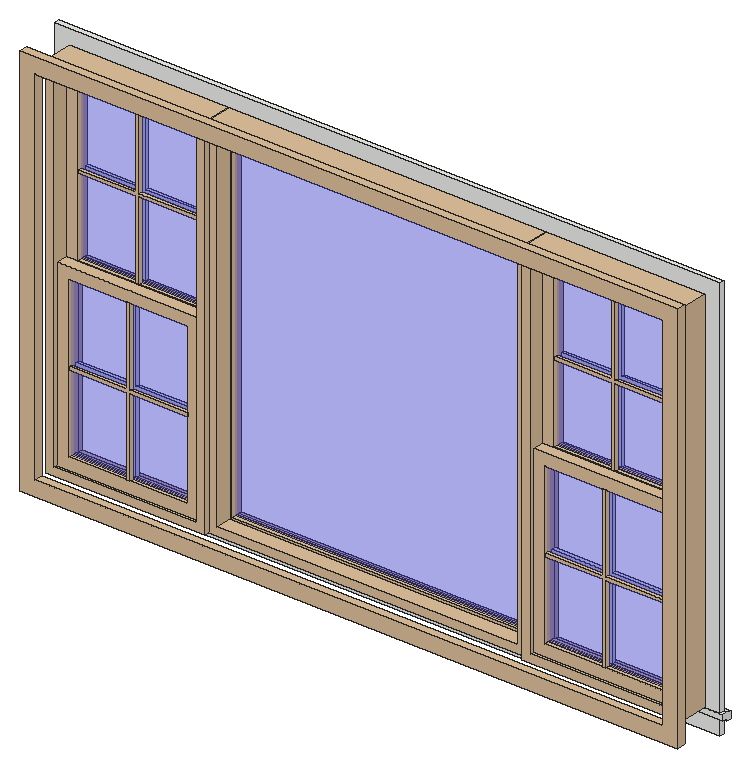
Revit family "Existing Living Room Front Window", category Windows, host Wall, Revit 2021
Family settings
  Host = Wall
  Always vertical = Yes
  Cut with Voids When Loaded = No
  Shared = No
  Room Calculation Point = No
Parameters (values of type "(2) 2'-0" x 4'-8" DH + 4'-0" x 4'-8" FX")
  Window Inset = 0' - 0 3/4"
  Top Muntin Visibility = yes
  Side Window Width = 2' - 0"
  Side Window Location = Middle Window Width / 2  # 2' - 0"
  Sash Material = Sash
  Rough Width = 0' - 0"
  Rough Height = 0' - 0"
  Interior Trim Visibility [instance] = yes
  Interior Trim = Trim-Window-Interior-Flat : Picture Frame
  Fixed Muntin Visibility = no
  Middle Window Width = 4' - 0"
  Interior Trim Material = Wood - Stained
  Interior Frame Material = Wood - Stained
  Height = 4' - 8"
  Glass Pane Material = Glass
  Exterior Trim Visibility [instance] = yes
  Exterior Trim Material = Clad - White
  Exterior Trim = Trim-Window-Exterior-Flat : with Sill
  Exterior Frame Material = Clad - White
  Default Sill Height = 3' - 0"
  Wall Closure = By host
  Width = (Side Window Width * 2) + Middle Window Width  # 8' - 0"
  Bottom Muntin Visibility = yes
Reference planes (in)
  plane 1 "Center (Front/Back)": y = 0
  plane 2: z = 0
  plane 3 "Center (Left/Right)": x = 0
  plane 4 "Left": x = -48
  plane 5 "Right": x = 48
  plane 6 "Sill": z = 36
  plane 7 "Top": z = 92
Text (in)
  text "EXTERIOR" at (-58.6888, 50.90694, 0), in view "Ref. Level"
  text "INTERIOR" at (-58.6888, -37.76638, 0), in view "Ref. Level"
  text "Exterior" at (0, 43.65631, 123.19604), in view "Left"
  text "Exterior" at (0, 18.29385, 125.04747), in view "Right"
Dimensions and locks (in)
  "Height": plane 6 "Sill" to plane 7 "Top"
  "Default Sill Height": plane 2 to plane 6 "Sill"
  equal spacing: plane 4 "Left", plane 3 "Center (Left/Right)", plane 5 "Right"
  "Width": plane 4 "Left" to plane 5 "Right"
  plane 4 "Left" to plane 5 "Right" = 8' - 0"
  "Side Window Location": nested 5 to plane 3 "Center (Left/Right)"
  "Side Window Location": plane 3 "Center (Left/Right)" to nested 2
  aligned and locked: plane 7 "Top" to nested 8
  aligned and locked: plane 7 "Top" to nested 9
  aligned and locked: plane 3 "Center (Left/Right)" to nested 9
  aligned and locked: nested 8 to plane 3 "Center (Left/Right)"
Nested families (in)
  nested 1: "Window-Fixed" at (0, 0, 0) x (-1, 0, 0) z (0, 0, 1), type "Standard"
    with Window Inset 0' - 0", Interior Wall Closure 0' - 2 1/4", Interior Trim Visibility no, Frame Extension 0' - 0 1/4", Exterior Wall Closure 0' - 1 1/4", Exterior Trim Visibility no, Rough Width 4' - 0 1/2", Rough Height 4' - 8 1/2", Muntin Visibility no, Height 4' - 8", Extension Jamb Visibility no, Width 4' - 0"
  nested 2: "Window-Double-Hung" at (36, 0, 0) x (-1, 0, 0) z (0, 0, 1), type "Standard"
    with Window Inset 0' - 0", Interior Wall Closure 0' - 1 1/2", Interior Trim Visibility no, Indicator Visibility yes, Frame Extension 0' - 1 1/4", Exterior Wall Closure 0' - 0 1/2", Exterior Trim Visibility no, Muntin Width 1' - 6", Muntin Height 2' - 0 1/8", Rough Width 2' - 0 1/2", Rough Height 4' - 8 1/2", Extension Jamb Visibility no, Height 4' - 8", Width 2' - 0"
  nested 3: "Muntin Pattern_2x2" at (36, 1.625, 64.875) x (-1, 0, 0) z (0, 0, 1), type "Muntin Pattern_2x2"
    with Width 1' - 6", Interior Material Wood - Stained, Height 2' - 0 1/8", Exterior Material Clad - White
  nested 4: "Muntin Pattern_2x2" at (36, -0.125, 39) x (-1, 0, 0) z (0, 0, 1), type "Muntin Pattern_2x2"
    with Width 1' - 6", Interior Material Wood - Stained, Height 2' - 0 1/8", Exterior Material Clad - White
  nested 5: "Window-Double-Hung" at (-36, 0, 0) x (-1, 0, 0) z (0, 0, 1), type "Standard"
    with Window Inset 0' - 0", Interior Wall Closure 0' - 1 1/2", Interior Trim Visibility no, Indicator Visibility yes, Frame Extension 0' - 1 1/4", Exterior Wall Closure 0' - 0 1/2", Exterior Trim Visibility no, Muntin Width 1' - 6", Muntin Height 2' - 0 1/8", Rough Width 2' - 0 1/2", Rough Height 4' - 8 1/2", Extension Jamb Visibility no, Height 4' - 8", Width 2' - 0"
  nested 6: "Muntin Pattern_2x2" at (-36, 1.625, 64.875) x (-1, 0, 0) z (0, 0, 1), type "Muntin Pattern_2x2"
    with Width 1' - 6", Interior Material Wood - Stained, Height 2' - 0 1/8", Exterior Material Clad - White
  nested 7: "Muntin Pattern_2x2" at (-36, -0.125, 39) x (-1, 0, 0) z (0, 0, 1), type "Muntin Pattern_2x2"
    with Width 1' - 6", Interior Material Wood - Stained, Height 2' - 0 1/8", Exterior Material Clad - White
  nested 8: "Trim-Window-Exterior-Flat" at (0, 3, 92) x (-1, 0, 0) z (0, 1, 0), visible <- "Exterior Trim Visibility", Trim Material <- "Exterior Trim Material", Opening Width <- "Width", Opening Height <- "Height", type <- "Exterior Trim", type "with Sill"
    with Trim Material Clad - White, Opening Width 8' - 0", Opening Height 4' - 8"
  nested 9: "Trim-Window-Interior-Flat" at (0, -3, 92) x (1, 0, 0) z (0, -1, 0), visible <- "Interior Trim Visibility", Trim Material <- "Interior Trim Material", Opening Width <- "Width", Opening Height <- "Height", type <- "Interior Trim", type "Picture Frame"
    with Trim Material Wood - Stained, Opening Width 8' - 0", Opening Height 4' - 8"
Definition of nested family "Window-Fixed"
  Parameters (values of type "24" x 36"")
    Window Inset [instance] = 0' - 0"
    Wall Thickness [instance] = 0' - 6"
    Visual Light Transmittance = 0.81
    Thermal Resistance (R) = 1.8146 (h·ft²·°F)/BTU
    Solar Heat Gain Coefficient = 0.76
    Rough Width = Width + 0' 0 1/2"  # 2' - 0 1/2"
    Rough Height = Height + 0' 0 1/2"  # 3' - 0 1/2"
    Muntin Visibility = yes
    Muntin Pattern = Muntin Pattern_2x2 : Muntin Pattern_2x2
    Interior Wall Closure [instance] = 0' - 2 1/4"
    Interior Trim Visibility [instance] = yes
    Interior Trim Material = none
    Interior Trim = Trim-Window-Interior-Flat : Picture Frame
    Height = 3' - 0"
    Interior Frame Material = none
    Heat Transfer Coefficient (U) = 0.5511 BTU/(h·ft²·°F)
    Glass Panel Material = none
    Frame Extension [instance] = if(Exterior Trim Visibility, Window Inset + 0' 0 1/4", 0' 0 1/4")  # 0' - 0 1/4"
    Fire Rating = "0.5h"
    Exterior Wall Closure [instance] = 0' - 1 1/4"
    Exterior Trim Visibility [instance] = yes
    Exterior Trim Material = none
    Exterior Trim = Trim-Window-Exterior-Flat : with Sill
    Exterior Frame Material = none
    Extension Jamb Visibility [instance] = and(Interior Trim Visibility, Wall Thickness - Window Inset > 0' 3 3/4")  # yes
    Extension Jamb [instance] = if(Wall Thickness - Window Inset > 0' 3 3/4", Wall Thickness - Window Inset - 0' 3 3/4", 0' 1")  # 0' - 2 1/4"
    Default Sill Height = 3' - 0"
    Wall Closure = (empty or 0)
    Width = 2' - 0"
    Assembly Code = "B2020100"
    Analytic Construction = "Double glazing - domestic"
  Reference planes (in)
    plane 1 "Center (Front/Back)": y = 0
    plane 2: z = 0
    plane 3 "Center (Left/Right)": x = 0
    plane 4 "Left": x = -12
    plane 5 "Right": x = 12
    plane 6 "Sill": z = 36
    plane 7 "Top": z = 72
    plane 8 "Inset Face": y = 3
    plane 9 "Wall Closure": y = -0.75
    plane 10 "Sash Face": y = 3.5
    plane 11 "Exterior": y = 3
    plane 12: x = 11.5
    plane 13: x = -11.5
    plane 14: z = 71.5
    plane 15: z = 36.5
    plane 16: y = 2.25
    plane 17 "Glass": y = 2.625
    plane 18: y = 3.75
    plane 19: y = 3.75
    plane 20 "Interior": y = -3
    plane 21 "Jamb": y = -0.75
    plane 22 "Middle": z = 54
    plane 23: z = 54
    plane 24: x = 10.75
    plane 25: x = 10.5
    plane 26: x = -10.5
    plane 27: x = 10.5
    plane 28: z = 70.5
    plane 29: z = 37.5
    plane 30: y = -0.75
    plane 31: y = 1.75
    plane 32: y = 3.75
  Forms (in)
    Sweep 1, solid, material <- "Interior Frame Material"
      path origin (0, 3.5, 0) x (-1, 0, 0) y (0, 0, 1)
        loop
          line (-12, 36) -> (12, 36) -> (12, 72) -> (-12, 72) -> (-12, 36)
      profile origin (12, 3.5, 54) x (1, 0, 0) y (0, 1, 0)
        loop
          line (0, 0.25) -> (-0.5, 0.25) -> (-0.5, -1.75) -> (-1.25, -1.75) -> (-1.25, -4.25) -> (0, -4.25) -> (0, 0.25)
    Extrusion 2, solid, material <- "Interior Frame Material", visible <- "Extension Jamb Visibility"
      sketch origin (0, 0, 0) x (1, 0, 0) y (0, 0, 1)
        loop
          line (12, 72) -> (-12, 72) -> (-12, 36) -> (12, 36) -> (12, 72)
        loop
          line (11.5, 36.5) -> (11.5, 71.5) -> (-11.5, 71.5) -> (-11.5, 36.5) -> (11.5, 36.5)
      from 0.75 to 3
    Sweep 3, solid, material <- "Interior Frame Material"
      path origin (0, 3.5, 0) x (-1, 0, 0) y (0, 0, 1)
        loop
          line (-11.5, 71.5) -> (-11.5, 36.5) -> (11.5, 36.5) -> (11.5, 71.5) -> (-11.5, 71.5)
      profile origin (11.5, 3.5, 54) x (0, 1, 0) y (-1, 0, 0)
        loop
          line (0, 0) -> (0, 1) -> (-1.75, 1) -> (-1.75, 0) -> (0, 0)
    Extrusion 4, solid, material <- "Glass Panel Material"
      sketch origin (0, 0, 36) x (0, -1, 0) y (1, 0, 0)
        loop
          line (-3, -10.5) -> (-2.75, -10.5) -> (-2.75, 10.5) -> (-3, 10.5) -> (-3, -10.5)
        loop
          line (-2.25, 10.5) -> (-2.5, 10.5) -> (-2.5, -10.5) -> (-2.25, -10.5) -> (-2.25, 10.5)
      from 1.5 to 34.5
  Lines and regions (in)
    Opening 1
      outline origin (-60, -3, 0) x (1, 0, 0) y (0, 0, 1)
        loop
          line (48, 72) -> (48, 36) -> (72, 36) -> (72, 72) -> (48, 72)
    Split face 1
      outline origin (10.5, 3.5, 37.5) x (-1, 0, 0) y (0, -1, 0)
        loop
          line (21, 0.5) -> (0, 0.5)
    Split face 2
      outline origin (10.5, 3.5, 70.5) x (0, 0, -1) y (0, -1, 0)
        loop
          line (0, 0.5) -> (33, 0.5)
    Split face 3
      outline origin (-10.5, 3.5, 37.5) x (0, 0, 1) y (0, -1, 0)
        loop
          line (33, 0.5) -> (0, 0.5)
    Split face 4
      outline origin (-10.5, 3.5, 70.5) x (0, -1, 0) y (1, 0, 0)
        loop
          line (0.5, 0) -> (0.5, 21)
    Split face 5
      outline origin (11.5, 1.75, 36.5) x (0, 0, 1) y (0, 1, 0)
        loop
          line (35, 1.25) -> (0, 1.25)
    Split face 6
      outline origin (-11.5, 1.75, 36.5) x (1, 0, 0) y (0, 1, 0)
        loop
          line (0, 1.25) -> (23, 1.25)
    Split face 7
      outline origin (-11.5, 1.75, 71.5) x (0, 0, -1) y (0, 1, 0)
        loop
          line (35, 1.75) -> (0, 1.75)
    Split face 8
      outline origin (11.5, 1.75, 71.5) x (0, 1, 0) y (-1, 0, 0)
        loop
          line (1.75, 0) -> (1.75, 23)
  Text (in)
    text "EXTERIOR" at (-58.6888, 50.90694, 0), in view "Ref. Level"
    text "INTERIOR" at (-58.6888, -37.76638, 0), in view "Ref. Level"
    text "Exterior" at (0, 43.65631, 123.19604), in view "Left"
    text "Exterior" at (0, 18.29385, 125.04747), in view "Right"
  Dimensions and locks (in)
    equal spacing: plane 4 "Left", plane 3 "Center (Left/Right)", plane 5 "Right"
    "Width": plane 4 "Left" to plane 5 "Right"
    "Height": plane 6 "Sill" to plane 7 "Top"
    "Default Sill Height": plane 2 to plane 6 "Sill"
    locked: plane 10 "Sash Face" to plane 8 "Inset Face" at 0.5
    "Wall Thickness": host wall to host wall
    "Window Inset": plane 11 "Exterior" to plane 8 "Inset Face"
    locked: Sweep 1 sketch curve to plane 5 "Right" at 0.5
    locked: plane 12 to plane 5 "Right" at 0.5
    locked: plane 4 "Left" to plane 13 at 0.5
    locked: plane 14 to plane 7 "Top" at 0.5
    locked: plane 6 "Sill" to plane 15 at 0.5
    plane 16 to Sweep 3 = 0' - 0 1/2"
    equal spacing: plane 8 "Inset Face", plane 17 "Glass", plane 16
    locked: plane 8 "Inset Face" to plane 16 at 0.75
    locked: plane 18 to plane 11 "Exterior" at 0.75
    locked: plane 19 to plane 10 "Sash Face" at 0.25
    "Extension Jamb": plane 21 "Jamb" to plane 20 "Interior"
    locked: plane 8 "Inset Face" to plane 9 "Wall Closure" at 3.75
    equal spacing: plane 6 "Sill", plane 23, plane 7 "Top"
    plane 24 to plane 5 "Right" = 0' - 1 1/4"
    plane 25 to plane 12 = 0' - 1"
    locked: plane 4 "Left" to plane 26 at 1.5
    locked: plane 7 "Top" to plane 28 at 1.5
    locked: plane 29 to plane 6 "Sill" at 1.5
    locked: plane 27 to plane 5 "Right" at 1.5
    level to host wall = 23' - 0"
    "Interior Wall Closure": plane 30 to plane 20 "Interior"
    "Exterior Wall Closure": plane 11 "Exterior" to plane 31
    "Frame Extension": plane 32 to plane 10 "Sash Face"
    aligned and locked: plane 7 "Top" to Opening 1 sketch curve
    aligned and locked: plane 6 "Sill" to Opening 1 sketch curve  (x2)
    aligned and locked: plane 5 "Right" to Opening 1 sketch curve
    aligned and locked: plane 4 "Left" to Opening 1 sketch curve
    aligned and locked: level to plane 2
    aligned and locked: host wall to plane 11 "Exterior"
    aligned and locked: plane 5 "Right" to Sweep 1 sketch curve
    aligned and locked: plane 7 "Top" to Sweep 1 sketch curve
    aligned and locked: Sweep 1 sketch curve to plane 4 "Left"
    aligned and locked: Sweep 1 sketch curve to plane 6 "Sill"
    aligned and locked: Extrusion 2 sketch curve to host wall  (x3)
    aligned and locked: plane 7 "Top" to Extrusion 2 sketch curve
    aligned and locked: host wall to Extrusion 2
    aligned and locked: Sweep 3 sketch curve to plane 12  (x2)
    aligned and locked: Sweep 3 sketch curve to plane 15
    aligned and locked: Split face 1 sketch curve to plane 8 "Inset Face"
    aligned and locked: plane 8 "Inset Face" to Split face 2 sketch curve
    aligned and locked: plane 8 "Inset Face" to Split face 3 sketch curve
    aligned and locked: Split face 4 sketch curve to plane 8 "Inset Face"
    aligned and locked: Extrusion 4 sketch curve to plane 8 "Inset Face"
    aligned and locked: Sweep 3 to Extrusion 4 sketch curve
    aligned and locked: Extrusion 4 sketch curve to plane 16
    aligned and locked: Extrusion 4 sketch curve to Sweep 3
    aligned and locked: plane 20 "Interior" to host wall
    aligned and locked: plane 21 "Jamb" to Extrusion 2
    aligned and locked: plane 9 "Wall Closure" to Sweep 1
    aligned and locked: nested 2 to plane 4 "Left"
    aligned and locked: plane 11 "Exterior" to nested 2
    aligned and locked: profile plane to Sweep 3 sketch curve
    aligned and locked: plane 13 to Sweep 3 sketch curve
    aligned and locked: plane 12 to Extrusion 2 sketch curve
    aligned and locked: Extrusion 2 sketch curve to plane 14
    aligned and locked: Extrusion 2 sketch curve to plane 13
    aligned and locked: plane 15 to Extrusion 2 sketch curve
    aligned and locked: plane 23 to plane 22 "Middle"
    aligned and locked: plane 14 to Sweep 3 sketch curve
    aligned and locked: Sweep 1 sketch curve to Sweep 3
    aligned and locked: Sweep 3 sketch curve to plane 25
    aligned and locked: Extrusion 4 sketch curve to plane 25  (x2)
    aligned and locked: Extrusion 4 to Sweep 3  (x2)
    aligned and locked: plane 8 "Inset Face" to Split face 5 sketch curve
    aligned and locked: Split face 6 sketch curve to plane 8 "Inset Face"
    aligned and locked: Split face 7 sketch curve to plane 10 "Sash Face"
    aligned and locked: plane 10 "Sash Face" to Split face 8 sketch curve
    aligned and locked: plane 7 "Top" to nested 2
    aligned and locked: nested 1 to plane 29
    aligned and locked: plane 15 to Extrusion 2
    aligned and locked: Extrusion 2 to plane 14
    aligned and locked: plane 17 "Glass" to nested 1
    aligned and locked: nested 1 to plane 28
    aligned and locked: plane 25 to nested 1
    aligned and locked: plane 26 to nested 1
    aligned and locked: plane 7 "Top" to nested 3
    aligned and locked: nested 3 to plane 3 "Center (Left/Right)"
    aligned and locked: plane 7 "Top" to nested 4
    aligned and locked: plane 3 "Center (Left/Right)" to nested 4
    aligned and locked: plane 32 to Sweep 1 sketch curve
  Automatic sketch dimensions
    Sweep 3 sketch curve to plane 10 "Sash Face" = 0' - 1 3/4"
    Split face 1 sketch curve to Sweep 3 = 0' - 0"  (x2)
    Sweep 3 to Split face 2 sketch curve = 0' - 0"
    Split face 2 sketch curve to Sweep 3 = 0' - 0"
    Split face 3 sketch curve to Sweep 3 = 0' - 0"
    Sweep 3 to Split face 3 sketch curve = 0' - 0"
    Split face 4 sketch curve to Sweep 3 = 0' - 0"  (x2)
    plane 17 "Glass" to Extrusion 4 sketch curve = 0' - 0 1/8"
    Extrusion 4 sketch curve to plane 17 "Glass" = 0' - 0 1/8"
    Sweep 1 sketch curve to profile plane = 0' - 0"
    profile plane to Sweep 1 sketch curve = 0' - 1 1/4"
    Sweep 1 sketch curve to plane 10 "Sash Face" = 0' - 4 1/4"
    Split face 5 sketch curve to Sweep 1 = 0' - 0"
    Sweep 1 to Split face 5 sketch curve = 0' - 0"
    Split face 6 sketch curve to Sweep 1 = 0' - 0"  (x2)
    Sweep 1 to Split face 7 sketch curve = 0' - 0"
    Split face 7 sketch curve to Sweep 1 = 0' - 0"
    Split face 8 sketch curve to Sweep 1 = 0' - 0"  (x2)
  Nested families (in)
    nested 1: "Muntin Pattern_2x2" at (0, 2.625, 37.5) x (-1, 0, 0) z (0, 0, 1), type <- "Muntin Pattern", Exterior Material <- "Exterior Frame Material", Interior Material <- "Interior Frame Material", visible <- "Muntin Visibility", type "Muntin Pattern_2x2"
      with Width 1' - 9", Interior Material none, Height 2' - 9", Exterior Material none
    nested 2: "Plan-Fixed" at (0, 3, 36) x (-1, 0, 0) z (0, 0, 1), Width <- "Width", Wall Thickness <- "Wall Thickness", Height <- "Height", Window Inset <- "Window Inset", type "Plan-Fixed"
      with Window Inset of 3D 0' - 0", Window Inset 0' - 0", Width 2' - 0", Wall Thickness 0' - 6", Height 3' - 0"
    nested 3: "Trim-Window-Exterior-Flat" at (0, 3, 72) x (-1, 0, 0) z (0, 1, 0), visible <- "Exterior Trim Visibility", Trim Material <- "Exterior Trim Material", Opening Width <- "Width", Opening Height <- "Height", type <- "Exterior Trim", type "with Sill"
      with Trim Material none, Opening Width 2' - 0", Opening Height 3' - 0"
    nested 4: "Trim-Window-Interior-Flat" at (0, -3, 72) x (1, 0, 0) z (0, -1, 0), visible <- "Interior Trim Visibility", Trim Material <- "Interior Trim Material", Opening Width <- "Width", Opening Height <- "Height", type <- "Interior Trim", type "Picture Frame"
      with Trim Material none, Opening Width 2' - 0", Opening Height 3' - 0"
  Definition of nested family "Muntin Pattern_2x2"
    Parameters (values of type "Muntin Pattern_2x2")
      Width [instance] = 4' - 0"
      Thickness = 0' - 0 1/2"
      Height [instance] = 4' - 0"
      Interior Material [instance] = none
      Exterior Material [instance] = none
      Distance = 0' - 0 3/4"
      Default Elevation = 0' - 0"
    Reference planes (in)
      plane 1 "Center (Front/Back)": y = 0
      plane 2: z = 0
      plane 3 "Center (Left/Right)": x = 0
      plane 4: z = 48
      plane 5: x = -24
      plane 6: x = 24
      plane 7: z = 24
      plane 8: y = 0.375
      plane 9: y = 0.875
      plane 10: y = -0.375
      plane 11: y = -0.875
    Forms (in)
      Extrusion 1, solid, material <- "Interior Material", detail levels fine
        sketch origin (0, 0, 0) x (1, 0, 0) y (0, 0, 1)
          loop
            line (-24, 24.25) -> (-24, 23.75) -> (-0.25, 23.75) -> (-0.25, 0) -> (0.25, 0) -> (0.25, 23.75) -> (24, 23.75) -> (24, 24.25) -> (0.25, 24.25) -> (0.25, 48) -> (-0.25, 48) -> (-0.25, 24.25) -> (-24, 24.25)
        from 0.375 to 0.875
      Extrusion 2, solid, material <- "Exterior Material", detail levels fine
        sketch origin (0, 0, 0) x (1, 0, 0) y (0, 0, -1)
          loop
            line (-24, -24.25) -> (-0.25, -24.25) -> (-0.25, -48) -> (0.25, -48) -> (0.25, -24.25) -> (24, -24.25) -> (24, -23.75) -> (0.25, -23.75) -> (0.25, 0) -> (-0.25, 0) -> (-0.25, -23.75) -> (-24, -23.75) -> (-24, -24.25)
        from 0.375 to 0.875
    Lines and regions (in)
      model lines, detail levels medium
        curve 1: line (0, 0.375, 48) -> (0, 0.375, 0)
        curve 2: line (-24, -0.375, 24) -> (24, -0.375, 24)
        curve 3: line (-24, 0.375, 24) -> (24, 0.375, 24)
        curve 4: line (0, -0.375, 48) -> (0, -0.375, 0)
    Dimensions and locks (in)
      equal spacing: plane 6, plane 3 "Center (Left/Right)", plane 5
      "Width": plane 6 to plane 5
      "Height": plane 4 to plane 2
      equal spacing: plane 4, plane 7, plane 2
      locked: plane 3 "Center (Left/Right)" to Extrusion 1 sketch curve at 0.25  (x4)
      locked: Extrusion 1 sketch curve to plane 7 at 0.25  (x2)
      locked: plane 7 to Extrusion 1 sketch curve at 0.25  (x2)
      "Thickness": plane 9 to plane 8
      "Thickness": plane 10 to plane 11
      "Distance": plane 8 to plane 10
      equal spacing: plane 8, plane 1 "Center (Front/Back)", plane 10
      aligned and locked: plane 2 to level
      aligned and locked: plane 4 to curve 1
      aligned and locked: plane 5 to curve 2
      aligned and locked: plane 2 to curve 1
      aligned and locked: plane 6 to curve 2
      aligned and locked: Extrusion 1 sketch curve to plane 4
      aligned and locked: Extrusion 1 sketch curve to plane 6
      aligned and locked: Extrusion 1 sketch curve to plane 5
      aligned and locked: Extrusion 1 sketch curve to level
      aligned and locked: Extrusion 1 to plane 11
      aligned and locked: plane 10 to Extrusion 1
      aligned and locked: Extrusion 2 to plane 5
      aligned and locked: plane 6 to Extrusion 2
      aligned and locked: Extrusion 2 to plane 8
      aligned and locked: plane 9 to Extrusion 2
      aligned and locked: Extrusion 2 to plane 2
      aligned and locked: plane 4 to Extrusion 2
      aligned and locked: plane 5 to curve 3
      aligned and locked: plane 6 to curve 3
      aligned and locked: plane 4 to curve 4
      aligned and locked: plane 2 to curve 4
      aligned and locked: plane 8 to curve 3
    Automatic sketch dimensions
      curve 2 to plane 7 = 0' - 0"
      Extrusion 2 sketch curve to plane 5 = 0' - 0"
      Extrusion 2 sketch curve to level = 0' - 0"
      Extrusion 2 sketch curve to plane 4 = 0' - 0"
      Extrusion 2 sketch curve to plane 6 = 0' - 0"
      Extrusion 2 sketch curve to plane 3 "Center (Left/Right)" = 0' - 0 1/4"  (x2)
      plane 3 "Center (Left/Right)" to Extrusion 2 sketch curve = 0' - 0 1/4"  (x2)
      plane 7 to Extrusion 2 sketch curve = 0' - 0 1/4"  (x2)
      Extrusion 2 sketch curve to plane 7 = 0' - 0 1/4"  (x2)
      curve 4 to plane 3 "Center (Left/Right)" = 0' - 0"
      curve 4 to level = 0' - 0"
      curve 4 to plane 4 = 0' - 0"
      curve 3 to plane 6 = 0' - 0"
      curve 1 to plane 3 "Center (Left/Right)" = 0' - 0"
      curve 3 to plane 5 = 0' - 0"
      curve 3 to plane 7 = 0' - 0"
  Definition of nested family "Trim-Window-Exterior-Flat"
    Parameters (values of type "with Sill")
      Trim Width = 0' - 2 1/4"
      Trim Thickness_Picture Frame = 0' - 1 1/4"
      Trim Thickness_with Sill = 0' - 0 3/4"
      Trim Material [instance] = none
      Sill Thickness = 0' - 1 1/4"
      Sill = yes
      Picture Frame = no
      Opening Width [instance] = 2' - 0"
      Opening Height [instance] = 3' - 0"
      Default Elevation = 4' - 0"
    Types (2): name | Sill | Picture Frame
      with Sill | yes | no
      Picture Frame | no | yes
    Reference planes (in)
      plane 1 "Center (Front/Back)": y = 0
      plane 2: z = 0
      plane 3 "Center (Left/Right)": x = 0
      plane 4: y = 2.25
      plane 5 "Left": x = -12
      plane 6 "Right": x = 12
      plane 7 "Bottom": y = -36
      plane 8: y = -37.25
      plane 9: y = -39.12332
      plane 10: x = 14.25
      plane 11: x = -14.25
      plane 12: z = 0.75
      plane 13: z = 1.25
      plane 14: x = 14.75
      plane 15: x = -14.75
      plane 16: y = -36.87332
      plane 17: y = -38.25
      plane 18: z = 0.5
      plane 19: y = -18
      plane 20: z = 1.5
    Forms (in)
      Extrusion 1, solid
        sketch origin (0, 0, 0) x (1, 0, 0) y (0, 1, 0)
          loop
            line (-14.25, 2.25) -> (-14.25, -39.12332) -> (14.25, -39.12332) -> (14.25, 2.25) -> (-14.25, 2.25)
        from 0 to -12
      Extrusion 2, solid, material <- "Trim Material", visible <- "Sill"
        sketch origin (0, 0, 0) x (1, 0, 0) y (0, 1, 0)
          loop
            line (-14.25, -36) -> (-12, -36) -> (-12, 0) -> (12, 0) -> (12, -36) -> (14.25, -36) -> (14.25, 2.25) -> (-14.25, 2.25) -> (-14.25, -36)
        from 0 to 0.75
      Extrusion 3, solid, material <- "Trim Material", visible <- "Sill"
        sketch origin (0, 0, 0) x (0, 1, 0) y (0, 0, 1)
          loop
            line (-36.09677, 1.5) -> (-37.25, 1.5) -> (-37.25, 0.75) -> (-36.87332, 0.75) -> (-36.87332, 0) -> (-36, 0) -> (-36, 0.75) -> (-36.09677, 1.5)
        from -14.75 to 14.75
      Extrusion 4, solid, material <- "Trim Material", visible <- "Sill"
        sketch origin (0, 0, 0) x (1, 0, 0) y (0, 1, 0)
          loop
            line (-14.25, -36.87332) -> (-14.25, -39.12332) -> (14.25, -39.12332) -> (14.25, -36.87332) -> (-14.25, -36.87332)
        from 0 to 0.75
      Extrusion 5, solid, material <- "Trim Material", visible <- "Picture Frame"
        sketch origin (0, 0, 0) x (1, 0, 0) y (0, 1, 0)
          loop
            line (-12, 0) -> (-12, -36) -> (12, -36) -> (12, 0) -> (-12, 0)
          loop
            line (-14.25, 2.25) -> (-14.25, -38.25) -> (14.25, -38.25) -> (14.25, 2.25) -> (-14.25, 2.25)
        from 0 to 1.25
    Dimensions and locks (in)
      equal spacing: plane 5 "Left", plane 3 "Center (Left/Right)", plane 6 "Right"
      "Opening Width": plane 5 "Left" to plane 6 "Right"
      "Opening Height": plane 7 "Bottom" to plane 1 "Center (Front/Back)"
      "Sill Thickness": plane 7 "Bottom" to plane 8
      "Trim Width": plane 11 to plane 5 "Left"
      "Trim Width": plane 6 "Right" to plane 10
      "Trim Width": plane 1 "Center (Front/Back)" to plane 4
      locked: plane 15 to plane 11 at 0.5
      locked: plane 10 to plane 14 at 0.5
      locked: plane 16 to plane 8 at 0.37668
      "Trim Width": plane 9 to plane 16
      "Trim Width": plane 17 to plane 7 "Bottom"
      locked: plane 18 to plane 2 at 0.5
      equal spacing: plane 7 "Bottom", plane 19, plane 1 "Center (Front/Back)"
      locked: plane 20 to plane 12 at 0.75
      "Trim Thickness_with Sill": plane 12 to plane 2
      "Trim Thickness_Picture Frame": plane 13 to plane 2
      aligned and locked: plane 2 to Extrusion 1
      aligned and locked: level to Extrusion 1
      aligned and locked: Extrusion 2 sketch curve to plane 5 "Left"
      aligned and locked: Extrusion 2 sketch curve to plane 11
      aligned and locked: plane 7 "Bottom" to Extrusion 2 sketch curve  (x2)
      aligned and locked: plane 1 "Center (Front/Back)" to Extrusion 2 sketch curve
      aligned and locked: plane 10 to Extrusion 2 sketch curve
      aligned and locked: Extrusion 2 sketch curve to plane 6 "Right"
      aligned and locked: plane 12 to Extrusion 2
      aligned and locked: Extrusion 3 sketch curve to level
      aligned and locked: plane 7 "Bottom" to Extrusion 3 sketch curve
      aligned and locked: Extrusion 3 sketch curve to plane 8
      aligned and locked: plane 15 to Extrusion 3
      aligned and locked: Extrusion 3 to plane 14
      aligned and locked: plane 10 to Extrusion 4 sketch curve
      aligned and locked: Extrusion 4 sketch curve to plane 11
      aligned and locked: plane 16 to Extrusion 4 sketch curve
      aligned and locked: plane 9 to Extrusion 4 sketch curve
      aligned and locked: Extrusion 4 to Extrusion 2
      aligned and locked: Extrusion 2 sketch curve to plane 4
      aligned and locked: plane 1 "Center (Front/Back)" to Extrusion 5 sketch curve
      aligned and locked: Extrusion 5 sketch curve to plane 4
      aligned and locked: Extrusion 5 sketch curve to plane 17
      aligned and locked: plane 7 "Bottom" to Extrusion 5 sketch curve
      aligned and locked: Extrusion 5 sketch curve to plane 6 "Right"
      aligned and locked: plane 10 to Extrusion 5 sketch curve
      aligned and locked: Extrusion 5 sketch curve to plane 5 "Left"
      aligned and locked: Extrusion 5 sketch curve to plane 11
      aligned and locked: plane 13 to Extrusion 5
      aligned and locked: plane 20 to Extrusion 3
    Automatic sketch dimensions
      Extrusion 1 sketch curve to Extrusion 1 sketch curve = 2' - 4 1/2"
      Extrusion 1 sketch curve to Extrusion 1 sketch curve = 3' - 5.37332"
      Extrusion 3 sketch curve to plane 16 = 0' - 0"
      Extrusion 3 sketch curve to plane 12 = 0' - 0"  (x2)
      Extrusion 3 sketch curve to plane 7 "Bottom" = 0' - 0.09677"
      plane 13 to Extrusion 3 sketch curve = 0' - 0 1/4"
  Definition of nested family "Trim-Window-Interior-Flat"
    Parameters (values of type "with Sill")
      Trim Thickness_Picture Frame = 0' - 1 1/4"
      Trim Width = 0' - 2 1/4"
      Trim Thickness_with Sill = 0' - 0 3/4"
      Trim Material [instance] = none
      Sill Thickness = 0' - 1 1/4"
      Sill = yes
      Picture Frame = no
      Opening Width [instance] = 2' - 0"
      Opening Height [instance] = 3' - 0"
      Default Elevation = 4' - 0"
    Types (2): name | Sill | Picture Frame
      with Sill | yes | no
      Picture Frame | no | yes
    Reference planes (in)
      plane 1 "Center (Front/Back)": y = 0
      plane 2: z = 0
      plane 3 "Center (Left/Right)": x = 0
      plane 4: y = 1.75
      plane 5 "Left": x = -12
      plane 6 "Right": x = 12
      plane 7 "Bottom": y = -36
      plane 8: y = -37.25
      plane 9: y = -39.12332
      plane 10: x = 13.75
      plane 11: x = -13.75
      plane 12: z = 0.75
      plane 13: z = 1.25
      plane 14: x = 14.25
      plane 15: x = -14.25
      plane 16: y = -36.87332
      plane 17: y = -37.75
      plane 18: z = 0.5
      plane 19: x = -11.5
      plane 20: y = -0.5
      plane 21: x = 11.5
      plane 22: y = -35.5
      plane 23: x = -13.25
      plane 24: x = 13.25
      plane 25: y = -18
    Forms (in)
      Extrusion 1, solid
        sketch origin (0, 0, 0) x (1, 0, 0) y (0, 1, 0)
          loop
            line (-13.75, 1.75) -> (-13.75, -37.75) -> (13.75, -37.75) -> (13.75, 1.75) -> (-13.75, 1.75)
        from 0 to -12
      Extrusion 2, solid, material <- "Trim Material", visible <- "Sill"
        sketch origin (0, 0, 0) x (1, 0, 0) y (0, 1, 0)
          loop
            line (-13.25, -36) -> (-11.5, -36) -> (-11.5, 0) -> (11.5, 0) -> (11.5, -36) -> (13.25, -36) -> (13.25, 1.75) -> (-13.25, 1.75) -> (-13.25, -36)
        from 0 to 0.75
      Extrusion 3, solid, material <- "Trim Material", visible <- "Sill"
        sketch origin (0, 0, 0) x (0, 1, 0) y (0, 0, 1)
          loop
            line (-36.5, 1.5) -> (-36.87332, 1.5) -> (-36.87332, 0) -> (-36, 0) -> (-36, 1)
            arc (-36, 1) -> (-36.14645, 1.35355) -> (-36.5, 1.5) r 0.5
        from -13.75 to 13.75
      Extrusion 4, solid, material <- "Trim Material", visible <- "Sill"
        sketch origin (0, 0, 0) x (1, 0, 0) y (0, 1, 0)
          loop
            line (-13.25, -36.87332) -> (-13.25, -39.12332) -> (13.25, -39.12332) -> (13.25, -36.87332) -> (-13.25, -36.87332)
        from 0 to 0.75
      Extrusion 5, solid, material <- "Trim Material", visible <- "Picture Frame"
        sketch origin (0, 0, 0) x (1, 0, 0) y (0, 1, 0)
          loop
            line (-11.5, -0.5) -> (-11.5, -35.5) -> (11.5, -35.5) -> (11.5, -0.5) -> (-11.5, -0.5)
          loop
            line (-13.75, 1.75) -> (-13.75, -37.75) -> (13.75, -37.75) -> (13.75, 1.75) -> (-13.75, 1.75)
        from 0 to 1.25
    Dimensions and locks (in)
      equal spacing: plane 5 "Left", plane 3 "Center (Left/Right)", plane 6 "Right"
      "Opening Width": plane 5 "Left" to plane 6 "Right"
      "Opening Height": plane 7 "Bottom" to plane 1 "Center (Front/Back)"
      "Sill Thickness": plane 7 "Bottom" to plane 8
      "Trim Width": plane 11 to plane 19
      "Trim Width": plane 21 to plane 10
      "Trim Width": plane 20 to plane 4
      "Trim Thickness_with Sill": plane 12 to plane 2
      locked: plane 15 to plane 11 at 0.5
      locked: plane 10 to plane 14 at 0.5
      locked: plane 16 to plane 8 at 0.37668
      "Trim Width": plane 9 to plane 16
      "Trim Width": plane 17 to plane 22
      plane 20 to plane 1 "Center (Front/Back)" = 0' - 0 1/2"
      plane 5 "Left" to plane 19 = 0' - 0 1/2"
      plane 21 to plane 6 "Right" = 0' - 0 1/2"
      plane 22 to plane 7 "Bottom" = 0' - 0 1/2"
      locked: plane 11 to plane 23 at 0.5
      locked: plane 24 to plane 10 at 0.5
      equal spacing: plane 7 "Bottom", plane 25, plane 1 "Center (Front/Back)"
      "Trim Thickness_Picture Frame": plane 13 to plane 2
      locked: Extrusion 3 to plane 12 at 0.75
      locked: plane 12 to Extrusion 3 sketch curve at 0.75
      radius of Extrusion 3 sketch curve = 0' - 0 1/2"
      aligned and locked: plane 2 to Extrusion 1
      aligned and locked: level to Extrusion 1
      aligned and locked: plane 7 "Bottom" to Extrusion 2 sketch curve  (x2)
      aligned and locked: plane 1 "Center (Front/Back)" to Extrusion 2 sketch curve
      aligned and locked: plane 12 to Extrusion 2
      aligned and locked: Extrusion 3 sketch curve to level
      aligned and locked: plane 7 "Bottom" to Extrusion 3 sketch curve
      aligned and locked: plane 16 to Extrusion 4 sketch curve
      aligned and locked: plane 9 to Extrusion 4 sketch curve
      aligned and locked: Extrusion 2 sketch curve to plane 4
      aligned and locked: Extrusion 5 sketch curve to plane 4
      aligned and locked: Extrusion 5 sketch curve to plane 17
      aligned and locked: plane 10 to Extrusion 5 sketch curve
      aligned and locked: Extrusion 5 sketch curve to plane 11
      aligned and locked: plane 13 to Extrusion 5
      aligned and locked: Extrusion 5 sketch curve to plane 20
      aligned and locked: Extrusion 5 sketch curve to plane 19
      aligned and locked: Extrusion 5 sketch curve to plane 21
      aligned and locked: plane 22 to Extrusion 5 sketch curve
      aligned and locked: Extrusion 4 to plane 24
      aligned and locked: plane 11 to Extrusion 3
      aligned and locked: Extrusion 3 to plane 10
      aligned and locked: Extrusion 2 sketch curve to plane 21
      aligned and locked: Extrusion 2 sketch curve to plane 24
      aligned and locked: Extrusion 2 sketch curve to plane 19
      aligned and locked: Extrusion 2 sketch curve to plane 23
      aligned and locked: plane 12 to Extrusion 4
    Automatic sketch dimensions
      Extrusion 1 sketch curve to Extrusion 1 sketch curve = 2' - 3 1/2"
      Extrusion 1 sketch curve to Extrusion 1 sketch curve = 3' - 3 1/2"
      Extrusion 3 sketch curve to plane 16 = 0' - 0"
      Extrusion 4 sketch curve to plane 11 = 0' - 0 1/2"
      Extrusion 4 sketch curve to plane 24 = 0' - 0"
  Definition of nested family "Plan-Fixed"
    Parameters (values of type "Plan-Fixed")
      Window Inset [instance] = 0' - 1"
      Window Inset of 3D [instance] = if(Window Inset - 0' 0 1/2" < 0' 0", 0' 0", if(Window Inset - 0' 0 1/2" < Wall Thickness - 0' 3 1/2", Window Inset - 0' 0 1/2", Wall Thickness - 0' 3 1/2"))  # 0' - 0 1/2"
      Width [instance] = 4' - 0"
      Wall Thickness [instance] = 0' - 6"
      Height [instance] = 3' - 0"
      Default Elevation = 4' - 0"
      Analytic Construction = "<None>"
    Reference planes (in)
      plane 1 "Center (Front/Back)": y = 0
      plane 2: z = 0
      plane 3 "Center (Left/Right)": x = 0
      plane 4: x = -24
      plane 5: x = 24
      plane 6 "Jamb": y = -4
      plane 7: x = -23.5
      plane 8: x = -22.75
      plane 9: y = -0.5
      plane 10: y = -2.25
      plane 11: y = -1.375
      plane 12: x = -22.5
      plane 13: x = 23.5
      plane 14: x = 22.75
      plane 15: x = 22.5
      plane 16 "Window Inset": y = -1
      plane 17 "Wall": y = -6
      plane 18: z = 36
      plane 19: z = 35.5
      plane 20: z = 0.5
      plane 21: z = 34.75
      plane 22: z = 1.25
      plane 23: z = 34.5
      plane 24: z = 1.5
    Lines and regions (in)
      Masking region 1
        outline origin (0, 0.75, 0) x (1, 0, 0) y (0, 1, 0)
          loop
            line (-24, -6.75) -> (24, -6.75) -> (24, -0.75) -> (-24, -0.75) -> (-24, -6.75)
      Masking region 2
        outline origin (0, 0, 0) x (0, 1, 0) y (0, 0, 1)
          loop
            line (-6, 36) -> (-6, 0) -> (0, 0) -> (0, 36) -> (-6, 36)
      symbolic lines
        curve 1: line (-23.5, -2.25, 0) -> (-22.75, -2.25, 0)
        curve 2: line (-22.75, -2.25, 0) -> (-22.75, -4, 0)
        curve 3: line (-23.5, -0.5, 0) -> (-23.5, -2.25, 0)
        curve 4: line (-24, -0.5, 0) -> (-22.5, -0.5, 0)
        curve 5: line (-22.5, -0.5, 0) -> (-22.5, -2.25, 0)
        curve 6: line (-22.5, -2.25, 0) -> (-22.75, -2.25, 0)
        curve 7: line (-22.5, -1.375, 0) -> (22.5, -1.375, 0)
        curve 8: line (23.5, -2.25, 0) -> (22.75, -2.25, 0)
        curve 9: line (22.75, -2.25, 0) -> (22.75, -4, 0)
        curve 10: line (23.5, -0.5, 0) -> (23.5, -2.25, 0)
        curve 11: line (22.5, -0.5, 0) -> (22.5, -2.25, 0)
        curve 12: line (22.5, -2.25, 0) -> (22.75, -2.25, 0)
        curve 13: line (-24, -4, 0) -> (-22.75, -4, 0)
        curve 14: line (22.75, -4, 0) -> (24, -4, 0)
        curve 15: line (0, -0.5, 35.5) -> (0, -2.25, 35.5)
        curve 16: line (0, -2.25, 34.75) -> (0, -4, 34.75)
        curve 17: line (0, -4, 0) -> (0, -4, 1.25)
        curve 18: line (0, -0.5, 0.5) -> (0, -2.25, 0.5)
        curve 19: line (0, -2.25, 0.5) -> (0, -2.25, 1.5)
        curve 20: line (0, -2.25, 1.25) -> (0, -4, 1.25)
        curve 21: line (0, -0.5, 36) -> (0, -0.5, 34.5)
        curve 22: line (0, -0.5, 34.5) -> (0, -2.25, 34.5)
        curve 23: line (0, -2.25, 1.5) -> (0, -0.5, 1.5)
        curve 24: line (0, -1.375, 1.5) -> (0, -1.375, 34.5)
        curve 25: line (0, -2.25, 35.5) -> (0, -2.25, 34.5)
        curve 26: line (22.5, -0.5, 0) -> (24, -0.5, 0)
        curve 27: line (0, -4, 34.75) -> (0, -4, 36)
        curve 28: line (0, -0.5, 1.5) -> (0, -0.5, 0)
        curve 29: line (-22.5, -0.5, 0) -> (22.5, -0.5, 0)
        curve 30: line (22.75, -4, 0) -> (-22.75, -4, 0)
        curve 31: line (0, -0.5, 34.5) -> (0, -0.5, 1.5)
        curve 32: line (0, -4, 1.25) -> (0, -4, 34.75)
    Dimensions and locks (in)
      "Width": plane 4 to plane 5
      equal spacing: plane 4, plane 3 "Center (Left/Right)", plane 5
      plane 4 to plane 7 to plane 8 = 0' - 0 1/2" locked, 0' - 0 3/4" locked
      equal spacing: plane 9, plane 11, plane 10
      plane 5 to plane 13 to plane 14 = 0' - 0 1/2" locked, 0' - 0 3/4" locked
      locked: plane 9 to plane 16 "Window Inset" at 0.5
      locked: plane 9 to plane 10 at 1.75
      "Wall Thickness": plane 17 "Wall" to plane 1 "Center (Front/Back)"
      "Height": plane 18 to plane 2
      locked: plane 18 to plane 19 at 0.5
      locked: plane 20 to plane 2 at 0.5
      locked: plane 19 to plane 21 at 0.75
      locked: plane 22 to plane 20 at 0.75
      locked: plane 10 to plane 6 "Jamb" at 1.75
      "Window Inset of 3D": plane 9 to plane 1 "Center (Front/Back)"
      locked: plane 7 to plane 12 at 1
      locked: plane 15 to plane 13 at 1
      locked: plane 19 to plane 23 at 1
      locked: plane 24 to plane 20 at 1
      aligned and locked: plane 2 to level
      aligned and locked: curve 2 to plane 8
      aligned and locked: curve 1 to plane 10
      aligned and locked: plane 4 to Masking region 1 sketch curve
      aligned and locked: Masking region 1 sketch curve to plane 5
      aligned and locked: plane 14 to curve 9
      aligned and locked: Masking region 1 sketch curve to plane 17 "Wall"
      aligned and locked: curve 13 to plane 6 "Jamb"
      aligned and locked: curve 14 to plane 6 "Jamb"
      aligned and locked: plane 1 "Center (Front/Back)" to Masking region 1 sketch curve
      aligned and locked: Masking region 2 sketch curve to plane 18
      aligned and locked: plane 17 "Wall" to Masking region 2 sketch curve
      aligned and locked: level to Masking region 2 sketch curve
      aligned and locked: plane 6 "Jamb" to curve 17
      aligned and locked: plane 21 to curve 16
      aligned and locked: plane 19 to curve 15
      aligned and locked: plane 22 to curve 20
      aligned and locked: plane 10 to curve 19  (x2)
      aligned and locked: plane 20 to curve 18
      aligned and locked: curve 21 to plane 9
      aligned and locked: plane 23 to curve 22
      aligned and locked: curve 23 to plane 24
      aligned and locked: plane 11 to curve 24
      aligned and locked: plane 4 to curve 4
      aligned and locked: plane 5 to curve 26
      aligned and locked: plane 18 to curve 21
      aligned and locked: plane 9 to curve 15
      aligned and locked: plane 9 to curve 18
      aligned and locked: plane 2 to curve 28
      aligned and locked: plane 9 to curve 3
      aligned and locked: plane 9 to curve 10
      aligned and locked: curve 25 to plane 10
      aligned and locked: plane 19 to curve 25
      aligned and locked: plane 23 to curve 25
      aligned and locked: plane 2 to curve 17
      aligned and locked: curve 26 to plane 9
      aligned and locked: curve 4 to plane 9
      aligned and locked: curve 5 to plane 12
      aligned and locked: plane 15 to curve 11
      aligned and locked: curve 7 to plane 11
      aligned and locked: curve 12 to plane 10
      aligned and locked: plane 10 to curve 8
      aligned and locked: plane 6 "Jamb" to curve 27
    Automatic sketch dimensions
      Masking region 2 sketch curve to plane 1 "Center (Front/Back)" = 0' - 0"
      curve 13 to plane 4 = 0' - 0"
      curve 3 to plane 7 = 0' - 0"
      curve 10 to plane 13 = 0' - 0"
      curve 14 to plane 5 = 0' - 0"
      curve 18 to plane 20 = 0' - 0"
      curve 27 to plane 18 = 0' - 0"
Definition of nested family "Window-Double-Hung"
  Parameters (values of type "38" x 42"")
    Wall Thickness [instance] = 0' - 6"
    Window Inset [instance] = 0' - 0"
    Visual Light Transmittance = 0.81
    Top Muntin Visibility = yes
    Thermal Resistance (R) = 1.8146 (h·ft²·°F)/BTU
    Solar Heat Gain Coefficient = 0.76
    Muntin Width = Width - 0' 6"  # 2' - 8"
    Muntin Pattern = Muntin Pattern_2x2 : Muntin Pattern_2x2
    Muntin Height = 0.5 * (Height - 0' 6" - 0' 1 3/4")  # 1' - 5 1/8"
    Interior Wall Closure [instance] = 0' - 1 1/2"
    Interior Trim Material = none
    Interior Trim = Trim-Window-Interior-Flat : Picture Frame
    Rough Width = Width + 0' 0 1/2"  # 3' - 2 1/2"
    Rough Height = Height + 0' 0 1/2"  # 3' - 6 1/2"
    Indicator Visibility [instance] = yes
    Frame Extension [instance] = if(Exterior Trim Visibility, Window Inset + 0' 1 1/4", 0' 1 1/4")  # 0' - 1 1/4"
    Fire Rating = "0.5h"
    Exterior Wall Closure [instance] = 0' - 0 1/2"
    Exterior Trim Material = none
    Extension Jamb Visibility [instance] = and(Interior Trim Visibility, Wall Thickness - Window Inset > 0' 4 1/2")  # yes
    Interior Trim Visibility [instance] = yes
    Exterior Trim Visibility [instance] = yes
    Exterior Trim = Trim-Window-Exterior-Flat : with Sill
    Extension Jamb [instance] = if(Wall Thickness - Window Inset > 0' 4 1/2", Wall Thickness - Window Inset - 0' 4 1/2", 0' 1")  # 0' - 1 1/2"
    Define Thermal Properties by = 1
    Construction Type Id = "DG-DR"
    Heat Transfer Coefficient (U) = 0.5511 BTU/(h·ft²·°F)
    Bottom Muntin Visibility = yes
    Assembly Code = "B2020100"
    Glass Panel Material = none
    Height = 3' - 6"
    Exterior Frame Material = none
    Interior Frame Material = none
    Wall Closure = (empty or 0)
    Width = 3' - 2"
    Analytic Construction = "Double glazing - domestic"
  Reference planes (in)
    plane 1 "Center (Front/Back)": y = 0
    plane 2: z = 0
    plane 3 "Center": x = 0
    plane 4 "Left": x = -19
    plane 5 "Right": x = 19
    plane 6 "Sill": z = 36
    plane 7 "Top": z = 78
    plane 8 "Wall Face": y = 3
    plane 9: y = -3
    plane 10 "Middle": z = 57
    plane 11: z = 76.75
    plane 12: z = 37.25
    plane 13: x = 17.75
    plane 14: x = -17.75
    plane 15: x = 16
    plane 16: x = -16
    plane 17: z = 39
    plane 18: z = 75
    plane 19 "Wall Closure": y = -1.5
    plane 20: z = 77.375
    plane 21 "Frame Face": y = 3.75
    plane 22 "Sash 2": y = -1
    plane 23 "Sash Face 1": y = 2.5
    plane 24 "Inset Face": y = 3
    plane 25 "Sash 1": y = 0.75
    plane 26 "Glass 1": y = 1.625
    plane 27: z = 57.875
    plane 28: z = 56.125
    plane 29 "Glass 2": y = -0.125
    plane 30: y = -1.5
    plane 31: z = 47.5625
    plane 32: z = 66.4375
    plane 33: y = -1.5
    plane 34: y = 2.5
    plane 35: y = 3.75
  Forms (in)
    Extrusion 1, solid, material <- "Interior Frame Material", visible <- "Extension Jamb Visibility"
      sketch origin (0, -0.25, 0) x (-1, 0, 0) y (0, 0, 1)
        loop
          line (19, 78) -> (-19, 78) -> (-19, 36) -> (19, 36) -> (19, 78)
        loop
          line (18.25, 77.25) -> (-18.25, 77.25) -> (-18.25, 36.75) -> (18.25, 36.75) -> (18.25, 77.25)
      from -2.75 to -1.25
    Sweep 2, solid, material <- "Interior Frame Material"
      path origin (0, 2.5, 0) x (-1, 0, 0) y (0, 0, 1)
        loop
          line (-19, 36) -> (19, 36) -> (19, 78) -> (-19, 78) -> (-19, 36)
      profile origin (19, 2.5, 57) x (1, 0, 0) y (0, 1, 0)
        loop
          line (-1.25, 1.25) -> (-1.25, -4) -> (0, -4) -> (0, 1.25) -> (-1.25, 1.25)
    Sweep 3, solid, material <- "Interior Frame Material"
      path origin (0, 2.5, 0) x (-1, 0, 0) y (0, 0, 1)
        loop
          line (-17.75, 56.125) -> (17.75, 56.125) -> (17.75, 76.75) -> (-17.75, 76.75) -> (-17.75, 56.125)
      profile origin (17.75, 2.5, 66.4375) x (1, 0, 0) y (0, 1, 0)
        loop
          line (0, 0) -> (-1.75, 0) -> (-1.75, -1.75) -> (0, -1.75) -> (0, 0)
    Sweep 4, solid, material <- "Interior Frame Material"
      path origin (0, 0.75, 0) x (-1, 0, 0) y (0, 0, 1)
        loop
          line (-17.75, 37.25) -> (17.75, 37.25) -> (17.75, 57.875) -> (-17.75, 57.875) -> (-17.75, 37.25)
      profile origin (17.75, 0.75, 47.5625) x (1, 0, 0) y (0, 1, 0)
        loop
          line (0, 0) -> (-1.75, 0) -> (-1.75, -1.75) -> (0, -1.75) -> (0, 0)
    Extrusion 5, solid, material <- "Glass Panel Material"
      sketch origin (0, 0, 36) x (0, -1, 0) y (1, 0, 0)
        loop
          line (-2, -16) -> (-1.75, -16) -> (-1.75, 16) -> (-2, 16) -> (-2, -16)
        loop
          line (-1.5, 16) -> (-1.5, -16) -> (-1.25, -16) -> (-1.25, 16) -> (-1.5, 16)
      from 21.875 to 39
    Extrusion 6, solid, material <- "Glass Panel Material"
      sketch origin (0, 0, 0) x (1, 0, 0) y (0, 1, 0)
        loop
          line (-16, 0.25) -> (-16, 0) -> (16, 0) -> (16, 0.25) -> (-16, 0.25)
        loop
          line (16, -0.25) -> (-16, -0.25) -> (-16, -0.5) -> (16, -0.5) -> (16, -0.25)
      from 39 to 56.125
  Lines and regions (in)
    Opening 1
      outline origin (-60, -3, 0) x (1, 0, 0) y (0, 0, 1)
        loop
          line (79, 78) -> (41, 78) -> (41, 36) -> (79, 36) -> (79, 78)
    Split face 1
      outline origin (-16, -1, 39) x (1, 0, 0) y (0, 1, 0)
        loop
          line (0, 1) -> (32, 1)
    Split face 2
      outline origin (16, -1, 39) x (0, 0, 1) y (0, 1, 0)
        loop
          line (0, 1) -> (17.125, 1)
    Split face 3
      outline origin (-16, -1, 56.125) x (0, 0, -1) y (0, 1, 0)
        loop
          line (17.125, 1) -> (0, 1)
    Split face 4
      outline origin (16, -1, 56.125) x (0, 1, 0) y (-1, 0, 0)
        loop
          line (1, 0) -> (1, 32)
    Split face 5
      outline origin (-16, 0.75, 57.875) x (1, 0, 0) y (0, 1, 0)
        loop
          line (32, 0.75) -> (0, 0.75)
    Split face 6
      outline origin (-16, 0.75, 57.875) x (1, 0, 0) y (0, 1, 0)
        loop
          line (32, 1) -> (0, 1)
    Split face 7
      outline origin (16, 0.75, 57.875) x (0, 0, 1) y (0, 1, 0)
        loop
          line (0, 1) -> (17.125, 1)
    Split face 8
      outline origin (-16, 0.75, 75) x (0, 0, -1) y (0, 1, 0)
        loop
          line (17.125, 1) -> (0, 1)
    Split face 9
      outline origin (16, 0.75, 75) x (0, 1, 0) y (-1, 0, 0)
        loop
          line (1, 0) -> (1, 32)
    Split face 10
      outline origin (-17.75, -1.5, 37.25) x (1, 0, 0) y (0, 1, 0)
        loop
          line (0, 2.25) -> (35.5, 2.25)
    Split face 11
      outline origin (17.75, -1.5, 37.25) x (0, 0, 1) y (0, 1, 0)
        loop
          line (39.5, 4) -> (18.875, 4) -> (18.875, 2.25) -> (0, 2.25)
    Split face 12
      outline origin (-17.75, -1.5, 76.75) x (0, 0, -1) y (0, 1, 0)
        loop
          line (0, 4) -> (20.625, 4) -> (20.625, 2.25) -> (39.5, 2.25)
    Split face 13
      outline origin (17.75, -1.5, 76.75) x (0, 1, 0) y (-1, 0, 0)
        loop
          line (4, 0) -> (4, 35.5)
  Text (in)
    text "EXTERIOR" at (-58.6888, 30.41546, 0), in view "Ref. Level"
    text "INTERIOR" at (-58.6888, -28.32711, 0), in view "Ref. Level"
    text "Exterior" at (0, 43.65631, 134.44969), in view "Left"
    text "Exterior" at (0, 18.29385, 125.04747), in view "Right"
  Dimensions and locks (in)
    equal spacing: plane 4 "Left", plane 3 "Center", plane 5 "Right"
    "Width": plane 4 "Left" to plane 5 "Right"
    equal spacing: plane 6 "Sill", plane 10 "Middle", plane 7 "Top"
    "Height": plane 7 "Top" to plane 6 "Sill"
    locked: plane 5 "Right" to plane 13 at 1.25
    locked: plane 14 to plane 4 "Left" at 1.25
    locked: plane 11 to plane 7 "Top" at 1.25
    locked: plane 6 "Sill" to plane 12 at 1.25
    locked: plane 15 to plane 13 at 1.75
    locked: plane 14 to plane 16 at 1.75
    locked: plane 18 to plane 11 at 1.75
    locked: plane 12 to plane 17 at 1.75
    "Wall Thickness": host wall to host wall
    locked: plane 7 "Top" to plane 20 at 0.625
    locked: plane 21 "Frame Face" to plane 8 "Wall Face" at 0.75
    locked: plane 24 "Inset Face" to plane 23 "Sash Face 1" at 0.5
    "Window Inset": plane 8 "Wall Face" to plane 24 "Inset Face"
    locked: plane 23 "Sash Face 1" to plane 25 "Sash 1" at 1.75
    locked: plane 25 "Sash 1" to plane 22 "Sash 2" at 1.75
    equal spacing: plane 23 "Sash Face 1", plane 26 "Glass 1", plane 25 "Sash 1"
    equal spacing: plane 28, plane 10 "Middle", plane 27
    locked: plane 28 to plane 27 at 1.75
    locked: Extrusion 5 sketch curve to Extrusion 5 sketch curve at 0.25  (x3)
    equal spacing: Extrusion 5 sketch curve, plane 26 "Glass 1", Extrusion 5 sketch curve
    equal spacing: plane 25 "Sash 1", plane 29 "Glass 2", plane 22 "Sash 2"
    locked: Extrusion 6 sketch curve to Extrusion 6 sketch curve at 0.25  (x3)
    equal spacing: Extrusion 6 sketch curve, plane 29 "Glass 2", Extrusion 6 sketch curve
    locked: plane 22 "Sash 2" to plane 30 at 0.5
    "Extension Jamb": plane 19 "Wall Closure" to host wall
    locked: Extrusion 1 sketch curve to plane 5 "Right" at 0.75
    locked: Extrusion 1 sketch curve to plane 7 "Top" at 0.75
    locked: plane 4 "Left" to Extrusion 1 sketch curve at 0.75
    locked: plane 6 "Sill" to Extrusion 1 sketch curve at 0.75
    equal spacing: plane 27, plane 32, plane 18
    equal spacing: plane 17, plane 31, plane 28
    nested 2 to Extrusion 1 = 0' - 2 1/4"
    "Interior Wall Closure": plane 33 to plane 9
    "Exterior Wall Closure": plane 8 "Wall Face" to plane 34
    "Frame Extension": plane 35 to plane 23 "Sash Face 1"
    aligned and locked: plane 9 to host wall
    aligned and locked: host wall to plane 8 "Wall Face"
    aligned and locked: Opening 1 sketch curve to plane 4 "Left"
    aligned and locked: plane 7 "Top" to Opening 1 sketch curve
    aligned and locked: plane 5 "Right" to Opening 1 sketch curve
    aligned and locked: Opening 1 sketch curve to plane 6 "Sill"
    aligned and locked: plane 7 "Top" to Extrusion 1 sketch curve
    aligned and locked: Extrusion 1 sketch curve to plane 4 "Left"
    aligned and locked: plane 5 "Right" to Extrusion 1 sketch curve
    aligned and locked: Extrusion 1 sketch curve to plane 6 "Sill"
    aligned and locked: plane 19 "Wall Closure" to Extrusion 1
    aligned and locked: Sweep 2 sketch curve to host wall  (x3)
    aligned and locked: plane 5 "Right" to Sweep 2 sketch curve
    aligned and locked: plane 13 to Sweep 2 sketch curve
    aligned and locked: Sweep 3 sketch curve to plane 13
    aligned and locked: plane 14 to Sweep 3 sketch curve
    aligned and locked: Sweep 3 sketch curve to plane 11
    aligned and locked: Sweep 3 sketch curve to plane 25 "Sash 1"
    aligned and locked: plane 28 to Sweep 3 sketch curve
    aligned and locked: Sweep 4 sketch curve to plane 27
    aligned and locked: Sweep 4 sketch curve to plane 13
    aligned and locked: plane 14 to Sweep 4 sketch curve
    aligned and locked: plane 12 to Sweep 4 sketch curve
    aligned and locked: profile plane to Sweep 4 sketch curve
    aligned and locked: Sweep 4 sketch curve to profile plane
    aligned and locked: Sweep 4 sketch curve to plane 22 "Sash 2"
    aligned and locked: plane 15 to Sweep 4 sketch curve
    aligned and locked: plane 18 to Extrusion 5
    aligned and locked: Extrusion 6 sketch curve to plane 16
    aligned and locked: plane 16 to Extrusion 6 sketch curve
    aligned and locked: plane 15 to Extrusion 6 sketch curve
    aligned and locked: Extrusion 6 sketch curve to plane 15
    aligned and locked: plane 17 to Extrusion 6
    aligned and locked: plane 28 to Extrusion 6
    aligned and locked: Split face 1 sketch curve to Extrusion 6
    aligned and locked: Split face 2 sketch curve to Extrusion 6
    aligned and locked: Split face 3 sketch curve to Extrusion 6
    aligned and locked: Split face 4 sketch curve to Extrusion 6
    aligned and locked: plane 15 to Sweep 3 sketch curve
    aligned and locked: Extrusion 5 to plane 27
    aligned and locked: Extrusion 5 sketch curve to plane 16
    aligned and locked: plane 16 to Extrusion 5 sketch curve
    aligned and locked: plane 15 to Extrusion 5 sketch curve
    aligned and locked: Extrusion 5 sketch curve to plane 15
    aligned and locked: Split face 6 sketch curve to Extrusion 5
    aligned and locked: Split face 7 sketch curve to Extrusion 5
    aligned and locked: Split face 8 sketch curve to Extrusion 5
    aligned and locked: Split face 9 sketch curve to Extrusion 5
    aligned and locked: Split face 10 sketch curve to plane 25 "Sash 1"
    aligned and locked: plane 30 to Sweep 2 sketch curve
    aligned and locked: Extrusion 1 to plane 9
    aligned and locked: plane 25 "Sash 1" to Split face 11 sketch curve
    aligned and locked: Split face 11 sketch curve to plane 28
    aligned and locked: plane 23 "Sash Face 1" to Split face 11 sketch curve
    aligned and locked: Split face 12 sketch curve to plane 25 "Sash 1"
    aligned and locked: plane 28 to Split face 12 sketch curve
    aligned and locked: Split face 12 sketch curve to plane 23 "Sash Face 1"
    aligned and locked: plane 23 "Sash Face 1" to Split face 13 sketch curve
    aligned and locked: nested 3 to plane 8 "Wall Face"
    aligned and locked: plane 3 "Center" to nested 3
    aligned and locked: plane 31 to nested 4
    aligned and locked: plane 32 to nested 5
    aligned and locked: nested 3 to plane 7 "Top"
    aligned and locked: plane 27 to nested 1
    aligned and locked: nested 2 to plane 17
    aligned and locked: plane 3 "Center" to nested 5
    aligned and locked: nested 4 to plane 3 "Center"
    aligned and locked: nested 2 to plane 29 "Glass 2"
    aligned and locked: nested 1 to plane 26 "Glass 1"
    aligned and locked: plane 28 to nested 2
    aligned and locked: plane 18 to nested 1
    aligned and locked: nested 1 to plane 16
    aligned and locked: nested 1 to plane 15
    aligned and locked: nested 2 to plane 15
    aligned and locked: nested 2 to plane 16
    aligned and locked: plane 7 "Top" to nested 7
    aligned and locked: plane 3 "Center" to nested 7
    aligned and locked: plane 7 "Top" to nested 6
    aligned and locked: nested 6 to plane 3 "Center"
    aligned and locked: Sweep 2 sketch curve to plane 35
  Automatic sketch dimensions
    Split face 1 sketch curve to Sweep 4 = 0' - 0"  (x2)
    Split face 2 sketch curve to Sweep 4 = 0' - 0"
    Sweep 4 to Split face 2 sketch curve = 0' - 0"
    Sweep 4 to Split face 3 sketch curve = 0' - 0"
    Split face 3 sketch curve to Sweep 4 = 0' - 0"
    Split face 4 sketch curve to Sweep 4 = 0' - 0"  (x2)
    Sweep 3 sketch curve to profile plane = 0' - 0"
    Sweep 3 sketch curve to plane 23 "Sash Face 1" = 0' - 0"
    Split face 5 sketch curve to Sweep 3 = 0' - 0"  (x2)
    Split face 5 sketch curve to Sweep 3 = 0' - 0 3/4"
    Split face 6 sketch curve to Sweep 3 = 0' - 0"  (x2)
    Split face 7 sketch curve to Sweep 3 = 0' - 0"
    Sweep 3 to Split face 7 sketch curve = 0' - 0"
    Sweep 3 to Split face 8 sketch curve = 0' - 0"
    Split face 8 sketch curve to Sweep 3 = 0' - 0"
    Split face 9 sketch curve to Sweep 3 = 0' - 0"  (x2)
    Split face 10 sketch curve to Sweep 2 = 0' - 0"  (x2)
    Split face 11 sketch curve to Sweep 2 = 0' - 0"
    Sweep 2 to Split face 11 sketch curve = 0' - 0"
    Sweep 2 to Split face 12 sketch curve = 0' - 0"
    Split face 12 sketch curve to Sweep 2 = 0' - 0"
    Split face 13 sketch curve to Sweep 2 = 0' - 0"  (x2)
    Sweep 2 sketch curve to plane 7 "Top" = 0' - 0"
  Nested families (in)
    nested 1: "Muntin Pattern_2x2" at (0, 1.625, 57.875), Exterior Material <- "Exterior Frame Material", Interior Material <- "Interior Frame Material", type <- "Muntin Pattern", visible <- "Top Muntin Visibility", type "Muntin Pattern_2x2"
      with Width 2' - 8", Interior Material none, Height 1' - 5 1/8", Exterior Material none
    nested 2: "Muntin Pattern_2x2" at (0, -0.125, 39), Exterior Material <- "Exterior Frame Material", Interior Material <- "Interior Frame Material", type <- "Muntin Pattern", visible <- "Bottom Muntin Visibility", type "Muntin Pattern_2x2"
      with Width 2' - 8", Interior Material none, Height 1' - 5 1/8", Exterior Material none
    nested 3: "Plan-Double-Hung" at (0, 3, 36), Window Inset <- "Window Inset", Width <- "Width", Wall Thickness <- "Wall Thickness", Height <- "Height", type "Plan-Double-Hung"
      with Window Inset of 3D 0' - 0 1/2", Window Inset 0' - 0", Width 3' - 2", Wall Thickness 0' - 6", Height 3' - 6"
    nested 4: "Filled Arrow" at (0, 0.75, 47.5625) x (0, 0, 1) z (0, 1, 0), visible <- "Indicator Visibility", type "Filled Arrow"
    nested 5: "Filled Arrow" at (0, 0.75, 66.4375) x (0, 0, -1) z (0, 1, 0), visible <- "Indicator Visibility", type "Filled Arrow"
    nested 6: "Trim-Window-Exterior-Flat" at (0, 3, 78) x (-1, 0, 0) z (0, 1, 0), visible <- "Exterior Trim Visibility", Trim Material <- "Exterior Trim Material", Opening Width <- "Width", Opening Height <- "Height", type <- "Exterior Trim", type "with Sill"
      with Trim Material none, Opening Width 3' - 2", Opening Height 3' - 6"
    nested 7: "Trim-Window-Interior-Flat" at (0, -3, 78) x (1, 0, 0) z (0, -1, 0), visible <- "Interior Trim Visibility", Trim Material <- "Interior Trim Material", Opening Width <- "Width", Opening Height <- "Height", type <- "Interior Trim", type "Picture Frame"
      with Trim Material none, Opening Width 3' - 2", Opening Height 3' - 6"
  Definition of nested family "Muntin Pattern_2x2"
    Parameters (values of type "Muntin Pattern_2x2")
      Width [instance] = 4' - 0"
      Thickness = 0' - 0 1/2"
      Height [instance] = 4' - 0"
      Interior Material [instance] = none
      Exterior Material [instance] = none
      Distance = 0' - 0 3/4"
      Default Elevation = 0' - 0"
    Reference planes (in)
      plane 1 "Center (Front/Back)": y = 0
